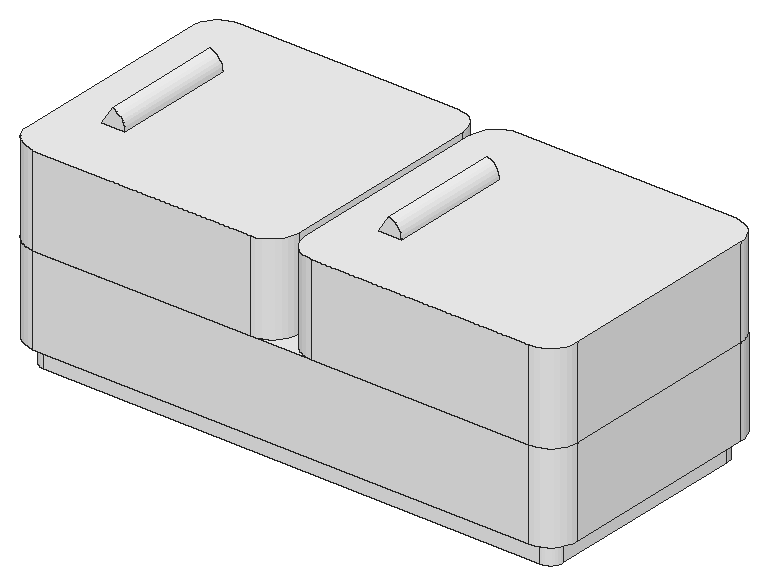
Revit family "Gira_017730", category Electrical Fixtures, host Face, Revit 2017
Family settings
  Host = Face
  Maintain Annotation Orientation = Yes
  Round Connector Dimension = Use Diameter
  Part Type = Normal
  Cut with Voids When Loaded = No
  Shared = No
  Room Calculation Point = No
Parameters
  Werkstoffgüte = "sonstige"
  Werkstoff = "sonstige"
  URL = "http://katalog.gira.de/de_DE/datenblatt.html?artikelnr=017730"
  Region = "DE"
  Oberfläche = "sonstige"
  Nennstrom Steckdose = "16 Ampere"
  Nennspannung = "250 Volt"
  Name = "Kombi AusWe/SCHUKO waager. KD WG AP Grau"
  Montagerichtung = "horizontal"
  Montageart = "auf Putz"
  Mit Beleuchtung = "No"
  Manufacturer URL = "https://www.gira.de/"
  Keynote = "IP44_Komplettgerät_Steckdose_2fach"
  HeinzeBIM = "https://bimportal.heinze.de/bim/kombi-auswe-schuko-waager-kd-wg-ap-grau/c1cdf441ad68ae913c1969e156eb352de0770f49"
  Halogenfrei = "No"
  HAN = "017730"
  Geeignet für Schutzart (IP) = "IP44"
  GTIN = "4010337177302"
  Farbe = "weiß"
  Default Elevation = 1219.2 mm
  Data sheet (1) = "https://katalog.gira.de/de_DE/download.html?artikelnr=017730"
  Category = "Schalter-/Steckdosenkombination"
  Befestigungsart = "Befestigung mit Schraube"
  Bedienungsart = "Wippe/Taste"
  Available = "Yes"
  Ausführung des Schalters = "Wechselschalter"
  Ausführung der Steckdose = "Schuko"
  Anzahl der Steckdosen = "1 "
Reference planes
  plane 1 "Center (Front/Back)": y = 0
  plane 2: z = 0
  plane 3 "Center (Left/Right)": x = 0
  plane 4: x = -81
  plane 5: x = 81
  plane 6: y = 38
  plane 7: y = -38
  plane 8: x = -1
  plane 9: x = 1
  plane 10: x = -68.7
  plane 11: x = 12.8
  plane 12: x = -65.7
  plane 13: x = -77
  plane 14: x = 77
  plane 15: y = 34
  plane 16: y = -34
Forms (mm)
  Extrusion 1, solid, material "White", detail levels fine
    sketch origin (0, 0, 0) x (1, 0, 0) y (0, 1, 0)
      loop
        line (73, 38) -> (-73, 38)
        arc (-73, 38) -> (-78.657, 35.657) -> (-81, 30) r 8
        line (-81, 30) -> (-81, -30)
        arc (-81, -30) -> (-78.657, -35.657) -> (-73, -38) r 8
        line (-73, -38) -> (73, -38)
        arc (73, -38) -> (78.657, -35.657) -> (81, -30) r 8
        line (81, -30) -> (81, 30)
        arc (81, 30) -> (78.657, 35.657) -> (73, 38) r 8
    from 0 to 26
  Extrusion 2, solid, material "White", detail levels fine
    sketch origin (0, 0, 0) x (1, 0, 0) y (0, 1, 0)
      loop
        line (-9, 38) -> (-73, 38)
        arc (-73, 38) -> (-78.657, 35.657) -> (-81, 30) r 8
        line (-81, 30) -> (-81, -30)
        arc (-81, -30) -> (-78.657, -35.657) -> (-73, -38) r 8
        line (-73, -38) -> (-9, -38)
        arc (-9, -38) -> (-3.343, -35.657) -> (-1, -30) r 8
        line (-1, -30) -> (-1, 30)
        arc (-1, 30) -> (-3.343, 35.657) -> (-9, 38) r 8
      loop
        line (1, 30) -> (1, -30)
        arc (1, -30) -> (3.343, -35.657) -> (9, -38) r 8
        line (9, -38) -> (73, -38)
        arc (73, -38) -> (78.657, -35.657) -> (81, -30) r 8
        line (81, -30) -> (81, 30)
        arc (81, 30) -> (78.657, 35.657) -> (73, 38) r 8
        line (73, 38) -> (9, 38)
        arc (9, 38) -> (3.343, 35.657) -> (1, 30) r 8
    from 26 to 52.5
  Extrusion 3, solid, material "White", detail levels fine
    sketch origin (0, 0, 0) x (1, 0, 0) y (0, 0, 1)
      loop
        line (-68.7, 52.5) -> (-62.067, 52.5)
        arc (-62.067, 52.5) -> (-63.019, 55.628) -> (-65.7, 57.5) r 5
        line (-65.7, 57.5) -> (-68.7, 52.5)
    from 18 to -18
  Extrusion 4, solid, material "White", detail levels fine
    sketch origin (81.5, 0, 0) x (1, 0, 0) y (0, 0, 1)
      loop
        line (-68.7, 52.5) -> (-62.067, 52.5)
        arc (-62.067, 52.5) -> (-63.019, 55.628) -> (-65.7, 57.5) r 5
        line (-65.7, 57.5) -> (-68.7, 52.5)
    from 18 to -18
  Extrusion 5, solid, material "White", detail levels medium
    sketch origin (0, 0, 0) x (1, 0, 0) y (0, 1, 0)
      loop
        line (73, 38) -> (-73, 38)
        arc (-73, 38) -> (-78.657, 35.657) -> (-81, 30) r 8
        line (-81, 30) -> (-81, -30)
        arc (-81, -30) -> (-78.657, -35.657) -> (-73, -38) r 8
        line (-73, -38) -> (73, -38)
        arc (73, -38) -> (78.657, -35.657) -> (81, -30) r 8
        line (81, -30) -> (81, 30)
        arc (81, 30) -> (78.657, 35.657) -> (73, 38) r 8
    from 0 to 52.5
  Extrusion 6, solid, material "White", detail levels medium
    sketch origin (0, 0, 0) x (1, 0, 0) y (0, 0, 1)
      loop
        line (-68.7, 57.5) -> (-68.7, 52.5) -> (-62.067, 52.5) -> (-62.067, 57.5) -> (-68.7, 57.5)
    from -18 to 18
  Extrusion 7, solid, material "White", detail levels medium
    sketch origin (81.5, 0, 0) x (1, 0, 0) y (0, 0, 1)
      loop
        line (-68.7, 57.5) -> (-68.7, 52.5) -> (-62.067, 52.5) -> (-62.067, 57.5) -> (-68.7, 57.5)
    from -18 to 18
  Extrusion 8, solid, material "White", detail levels coarse
    sketch origin (0, 0, 0) x (1, 0, 0) y (0, 1, 0)
      loop
        line (81, 38) -> (-81, 38) -> (-81, -38) -> (81, -38) -> (81, 38)
    from -7 to 57.5
  Extrusion 9, solid, material "White", detail levels medium+fine
    sketch origin (0, 0, 0) x (1, 0, 0) y (0, 1, 0)
      loop
        line (73, 34) -> (-73, 34)
        arc (-73, 34) -> (-75.828, 32.828) -> (-77, 30) r 4
        line (-77, 30) -> (-77, -30)
        arc (-77, -30) -> (-75.828, -32.828) -> (-73, -34) r 4
        line (-73, -34) -> (73, -34)
        arc (73, -34) -> (75.828, -32.828) -> (77, -30) r 4
        line (77, -30) -> (77, 30)
        arc (77, 30) -> (75.828, 32.828) -> (73, 34) r 4
    from 0 to -7
Dimensions and locks
  aligned and locked: plane 2 to host face
  aligned and locked: level to host face
Nested families
  nested 1: "Steckdose 2-fach Beschriftung" at (0, 0, 0), type "Steckdose 2-fach Beschriftung"
Connectors
  electrical at (0, 0, -7)
    settings: on Extrusion 9, index 1, voltage 220 V, apparent load 0 VA, apparent load phase1 0 VA, apparent load phase2 0 VA, apparent load phase3 0 VA, power factor 1, load classification "Other", number of poles 1, system type 31, power factor state 1, is connector primary yes, connector utility no, sub classification motor no, connector description ""
Definition of nested family "Steckdose 2-fach Beschriftung"
  Reference planes
    plane 1: y = 0
    plane 2: x = 0
  Lines and regions (mm)
    detail lines
      curve 1: line (0, 0, 0) -> (0, 2, 0)
      curve 2: line (0, 2, 0) -> (2, 2, 0)
      curve 4: arc (0, 3, 0) -> (1, 2, 0) -> (2, 3, 0) r 1
      curve 5: line (0, 2, 0) -> (-2, 2, 0)
      curve 6: arc (0, 3, 0) -> (-1, 2, 0) -> (-2, 3, 0) r 1
    reference lines
      curve 3: line (-0.485, 3, 0) -> (2.315, 3, 0)
  Dimensions and locks
    curve 1 to curve 1 = 2 mm
    curve 2 to curve 2 = 2 mm
    plane 1 to curve 3 = 3 mm
    curve 5 to curve 5 = 2 mm
